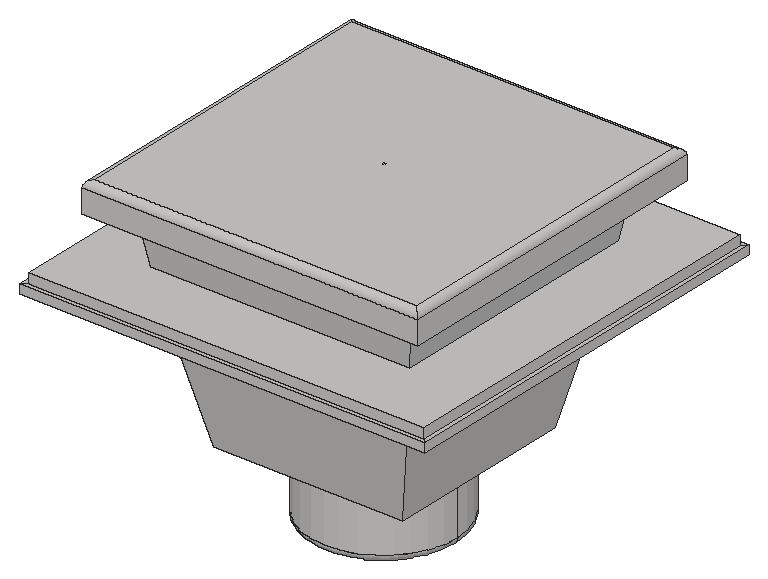
Revit family
Parameters (values of type "3110-04")
  Weight (lb) = 48.44
  Waste Connection = no
  Warranty = "1 year material and workmanship"  # constant formula
  Vent Connection = no
  URL = "http://www.jrsmith.com"
  Technical and Installation = "http://www.jrsmith.com/products/sanit/tech_data_index.htm"
  SmartBIM Object Version = 3  # constant formula
  SmartBIM Object Created By = "Reed Construction Data"  # constant formula
  Product URL = "http://www.jrsmith.com/products/sanit/submittal/d3110.pdf"
  Pipe Radius = Pipe Diameter / 2  # 2"
  OmniClass Title = "Sanitary Drains"  # constant formula
  OmniClass Code = "22-22 13 19"  # constant formula
  Model = "3110"
  Material Finish = Duco Coated
  Material = Stainless Steel Brushed
  Manufacturer = "Jay R. Smith Mfg. Co. "  # constant formula
  Maintenance = ""
  HW Connection = no
  Free Area (sq. in) = "42"
  Description = "Cast iron flanged receptor with seepage holes, acid resistant coated interior, nickel bronze rim, and secured grate"  # constant formula
  Default Elevation = 0"
  CW Connection = no
  Assembly Code = "D2030300"
  Pipe Diameter = 4"
  95 CSI = "15155"  # constant formula
  04 CSI = "22 13 19"  # constant formula
Reference planes (in)
  plane 1 "Center (Front/Back)": y = 0
  plane 2: z = 0
  plane 3 "Center (Left/Right)": x = 0
  plane 4: x = 2
  plane 5: x = -2
Forms (in)
  Revolve 1, solid, material "Stainless Steel Brushed" <- "Material"
    sketch origin (0, 0, -11) x (1, 0, 0) y (0, 0, 1)
      loop
        line (2, 0.2795149) -> (2, 0) -> (2.4458457, 0)
        arc (2.4458457, 0) -> (2.5817379, 0.0888017) -> (2.6344427, 0.2423421) r 0.25
        line (2.6344427, 0.2423421) -> (2.6344427, 2.3315924)
        arc (2.6344427, 2.3315924) -> (2.7943624, 2.3978333) -> (2.8606033, 2.557753) r 0.2261606
        line (2.8606033, 2.557753) -> (2.8606033, 2.8511191) -> (2.7240129, 2.8511191) -> (2.6399095, 2.557753) -> (2.328125, 2.557753) -> (2.328125, 0.4045149)
        arc (2.328125, 0.4045149) -> (2.2915133, 0.3161266) -> (2.203125, 0.2795149) r 0.125
        line (2.203125, 0.2795149) -> (2, 0.2795149)
      axis (0, 2.8511191) -> (0, 0)
    angle from 0 to 360
  Extrusion 2, solid, material "Stainless Steel Brushed" <- "Material"
    sketch origin (0, 0, 11.5450353) x (1, 0, 0) y (0, 1, 0)
      loop
        line (-3.0461347, -3.0685011) -> (3.0908676, -3.0685011) -> (3.0908676, 3.0685011) -> (-3.0461347, 3.0685011) -> (-3.0461347, -3.0685011)
      loop
        circle (0, 0) r 1.8795843
    from -19.9872823 to -19.6939162
  Sweep 3, solid, material "Stainless Steel Brushed" <- "Material"
    path origin (0, 0, 0) x (1, 0, 0) y (0, 1, 0)
      loop
        line (6.0223664, -6) -> (6.0223664, 6) -> (-5.9776336, 6) -> (-5.9776336, -6) -> (6.0223664, -6)
    profile origin (6.0223664, 0, 0) x (-1, 0, 0) y (0, 0, 1)
      loop
        line (2.9314989, -8.4518953) -> (2.9314989, -8.1488809) -> (2.8638614, -8.1488809) -> (1.8175907, -3.4616065) -> (1.2712967, -0.1838247) -> (0.5307832, -0.1838247) -> (0.5307832, -0.5588247) -> (1.026595, -0.5588247) -> (1.3625443, -2.5745171) -> (-1.0610259, -2.5745171) -> (-1.0610259, -2.9266322) -> (-1.2314242, -2.9117242) -> (-1.2314242, -3.2288641) -> (1.5086842, -3.4685925) -> (2.6210105, -8.4518953) -> (2.9314989, -8.4518953)
  Sweep 4, solid, material "Stainless Steel Brushed" <- "Material"
    path origin (0, 0, 0) x (1, 0, 0) y (0, 1, 0)
      loop
        line (6.0223664, -6) -> (6.0223664, 6) -> (-5.9776336, 6) -> (-5.9776336, -6) -> (6.0223664, -6)
    profile origin (6.0223664, 0, 0) x (-1, 0, 0) y (0, 0, 1)
      loop
        line (0.5307832, -0.7730061) -> (0.5307832, -0.1639187) -> (5.9754914, -0.1639187) -> (5.9754914, 0.3125) -> (0.25, 0.3125)
        arc (0.25, 0.3125) -> (0.0732233, 0.2392767) -> (0, 0.0625) r 0.25
        line (0, 0.0625) -> (0, -0.7730061) -> (0.5307832, -0.7730061)
Cuts and joins
  joined: Sweep 3, Sweep 4
Lines and regions (in)
  model lines
    curve 1: line (-3.9881579, 4.0483327, 0.3125) -> (-3.4881579, 4.0483327, 0.3125)
    curve 2: line (-3.9881579, 3.5483327, 0.3125) -> (-3.9881579, 4.0483327, 0.3125)
    curve 3: line (-3.4881579, 3.5483327, 0.3125) -> (-3.9881579, 3.5483327, 0.3125)
    curve 4: line (-3.4881579, 4.0483327, 0.3125) -> (-3.4881579, 3.5483327, 0.3125)
    curve 5: line (3.5118421, 4.0483327, 0.3125) -> (4.0118421, 4.0483327, 0.3125)
    curve 6: line (3.5118421, 3.5483327, 0.3125) -> (3.5118421, 4.0483327, 0.3125)
    curve 7: line (4.0118421, 3.5483327, 0.3125) -> (3.5118421, 3.5483327, 0.3125)
    curve 8: line (4.0118421, 4.0483327, 0.3125) -> (4.0118421, 3.5483327, 0.3125)
    curve 9: line (-2.9167293, 4.0483327, 0.3125) -> (-2.4167293, 4.0483327, 0.3125)
    curve 10: line (-2.9167293, 3.5483327, 0.3125) -> (-2.9167293, 4.0483327, 0.3125)
    curve 11: line (-2.4167293, 3.5483327, 0.3125) -> (-2.9167293, 3.5483327, 0.3125)
    curve 12: line (-2.4167293, 4.0483327, 0.3125) -> (-2.4167293, 3.5483327, 0.3125)
    curve 13: line (-1.8453008, 4.0483327, 0.3125) -> (-1.3453008, 4.0483327, 0.3125)
    curve 14: line (-1.8453008, 3.5483327, 0.3125) -> (-1.8453008, 4.0483327, 0.3125)
    curve 15: line (-1.3453008, 3.5483327, 0.3125) -> (-1.8453008, 3.5483327, 0.3125)
    curve 16: line (-1.3453008, 4.0483327, 0.3125) -> (-1.3453008, 3.5483327, 0.3125)
    curve 17: line (-0.7738722, 4.0483327, 0.3125) -> (-0.2738722, 4.0483327, 0.3125)
    curve 18: line (-0.7738722, 3.5483327, 0.3125) -> (-0.7738722, 4.0483327, 0.3125)
    curve 19: line (-0.2738722, 3.5483327, 0.3125) -> (-0.7738722, 3.5483327, 0.3125)
    curve 20: line (-0.2738722, 4.0483327, 0.3125) -> (-0.2738722, 3.5483327, 0.3125)
    curve 21: line (0.2975564, 4.0483327, 0.3125) -> (0.7975564, 4.0483327, 0.3125)
    curve 22: line (0.2975564, 3.5483327, 0.3125) -> (0.2975564, 4.0483327, 0.3125)
    curve 23: line (0.7975564, 3.5483327, 0.3125) -> (0.2975564, 3.5483327, 0.3125)
    curve 24: line (0.7975564, 4.0483327, 0.3125) -> (0.7975564, 3.5483327, 0.3125)
    curve 25: line (1.368985, 4.0483327, 0.3125) -> (1.868985, 4.0483327, 0.3125)
    curve 26: line (1.368985, 3.5483327, 0.3125) -> (1.368985, 4.0483327, 0.3125)
    curve 27: line (1.868985, 3.5483327, 0.3125) -> (1.368985, 3.5483327, 0.3125)
    curve 28: line (1.868985, 4.0483327, 0.3125) -> (1.868985, 3.5483327, 0.3125)
    curve 29: line (2.4404135, 4.0483327, 0.3125) -> (2.9404135, 4.0483327, 0.3125)
    curve 30: line (2.4404135, 3.5483327, 0.3125) -> (2.4404135, 4.0483327, 0.3125)
    curve 31: line (2.9404135, 3.5483327, 0.3125) -> (2.4404135, 3.5483327, 0.3125)
    curve 32: line (2.9404135, 4.0483327, 0.3125) -> (2.9404135, 3.5483327, 0.3125)
    curve 33: line (-3.9881579, -3.7016673, 0.3125) -> (-3.4881579, -3.7016673, 0.3125)
    curve 34: line (-3.9881579, -4.2016673, 0.3125) -> (-3.9881579, -3.7016673, 0.3125)
    curve 35: line (-3.4881579, -4.2016673, 0.3125) -> (-3.9881579, -4.2016673, 0.3125)
    curve 36: line (-3.4881579, -3.7016673, 0.3125) -> (-3.4881579, -4.2016673, 0.3125)
    curve 37: line (3.5118421, -3.7016673, 0.3125) -> (4.0118421, -3.7016673, 0.3125)
    curve 38: line (3.5118421, -4.2016673, 0.3125) -> (3.5118421, -3.7016673, 0.3125)
    curve 39: line (4.0118421, -4.2016673, 0.3125) -> (3.5118421, -4.2016673, 0.3125)
    curve 40: line (4.0118421, -3.7016673, 0.3125) -> (4.0118421, -4.2016673, 0.3125)
    curve 41: line (-2.9167293, -3.7016673, 0.3125) -> (-2.4167293, -3.7016673, 0.3125)
    curve 42: line (-2.9167293, -4.2016673, 0.3125) -> (-2.9167293, -3.7016673, 0.3125)
    curve 43: line (-2.4167293, -4.2016673, 0.3125) -> (-2.9167293, -4.2016673, 0.3125)
    curve 44: line (-2.4167293, -3.7016673, 0.3125) -> (-2.4167293, -4.2016673, 0.3125)
    curve 45: line (-1.8453008, -3.7016673, 0.3125) -> (-1.3453008, -3.7016673, 0.3125)
    curve 46: line (-1.8453008, -4.2016673, 0.3125) -> (-1.8453008, -3.7016673, 0.3125)
    curve 47: line (-1.3453008, -4.2016673, 0.3125) -> (-1.8453008, -4.2016673, 0.3125)
    curve 48: line (-1.3453008, -3.7016673, 0.3125) -> (-1.3453008, -4.2016673, 0.3125)
    curve 49: line (-0.7738722, -3.7016673, 0.3125) -> (-0.2738722, -3.7016673, 0.3125)
    curve 50: line (-0.7738722, -4.2016673, 0.3125) -> (-0.7738722, -3.7016673, 0.3125)
    curve 51: line (-0.2738722, -4.2016673, 0.3125) -> (-0.7738722, -4.2016673, 0.3125)
    curve 52: line (-0.2738722, -3.7016673, 0.3125) -> (-0.2738722, -4.2016673, 0.3125)
    curve 53: line (0.2975564, -3.7016673, 0.3125) -> (0.7975564, -3.7016673, 0.3125)
    curve 54: line (0.2975564, -4.2016673, 0.3125) -> (0.2975564, -3.7016673, 0.3125)
    curve 55: line (0.7975564, -4.2016673, 0.3125) -> (0.2975564, -4.2016673, 0.3125)
    curve 56: line (0.7975564, -3.7016673, 0.3125) -> (0.7975564, -4.2016673, 0.3125)
    curve 57: line (1.368985, -3.7016673, 0.3125) -> (1.868985, -3.7016673, 0.3125)
    curve 58: line (1.368985, -4.2016673, 0.3125) -> (1.368985, -3.7016673, 0.3125)
    curve 59: line (1.868985, -4.2016673, 0.3125) -> (1.368985, -4.2016673, 0.3125)
    curve 60: line (1.868985, -3.7016673, 0.3125) -> (1.868985, -4.2016673, 0.3125)
    curve 61: line (2.4404135, -3.7016673, 0.3125) -> (2.9404135, -3.7016673, 0.3125)
    curve 62: line (2.4404135, -4.2016673, 0.3125) -> (2.4404135, -3.7016673, 0.3125)
    curve 63: line (2.9404135, -4.2016673, 0.3125) -> (2.4404135, -4.2016673, 0.3125)
    curve 64: line (2.9404135, -3.7016673, 0.3125) -> (2.9404135, -4.2016673, 0.3125)
    curve 65: line (-3.9881579, 3.1872216, 0.3125) -> (-3.4881579, 3.1872216, 0.3125)
    curve 66: line (-3.9881579, 2.6872216, 0.3125) -> (-3.9881579, 3.1872216, 0.3125)
    curve 67: line (-3.4881579, 2.6872216, 0.3125) -> (-3.9881579, 2.6872216, 0.3125)
    curve 68: line (-3.4881579, 3.1872216, 0.3125) -> (-3.4881579, 2.6872216, 0.3125)
    curve 69: line (3.5118421, 3.1872216, 0.3125) -> (4.0118421, 3.1872216, 0.3125)
    curve 70: line (3.5118421, 2.6872216, 0.3125) -> (3.5118421, 3.1872216, 0.3125)
    curve 71: line (4.0118421, 2.6872216, 0.3125) -> (3.5118421, 2.6872216, 0.3125)
    curve 72: line (4.0118421, 3.1872216, 0.3125) -> (4.0118421, 2.6872216, 0.3125)
    curve 73: line (-2.9167293, 3.1872216, 0.3125) -> (-2.4167293, 3.1872216, 0.3125)
    curve 74: line (-2.9167293, 2.6872216, 0.3125) -> (-2.9167293, 3.1872216, 0.3125)
    curve 75: line (-2.4167293, 2.6872216, 0.3125) -> (-2.9167293, 2.6872216, 0.3125)
    curve 76: line (-2.4167293, 3.1872216, 0.3125) -> (-2.4167293, 2.6872216, 0.3125)
    curve 77: line (-1.8453008, 3.1872216, 0.3125) -> (-1.3453008, 3.1872216, 0.3125)
    curve 78: line (-1.8453008, 2.6872216, 0.3125) -> (-1.8453008, 3.1872216, 0.3125)
    curve 79: line (-1.3453008, 2.6872216, 0.3125) -> (-1.8453008, 2.6872216, 0.3125)
    curve 80: line (-1.3453008, 3.1872216, 0.3125) -> (-1.3453008, 2.6872216, 0.3125)
    curve 81: line (-0.7738722, 3.1872216, 0.3125) -> (-0.2738722, 3.1872216, 0.3125)
    curve 82: line (-0.7738722, 2.6872216, 0.3125) -> (-0.7738722, 3.1872216, 0.3125)
    curve 83: line (-0.2738722, 2.6872216, 0.3125) -> (-0.7738722, 2.6872216, 0.3125)
    curve 84: line (-0.2738722, 3.1872216, 0.3125) -> (-0.2738722, 2.6872216, 0.3125)
    curve 85: line (0.2975564, 3.1872216, 0.3125) -> (0.7975564, 3.1872216, 0.3125)
    curve 86: line (0.2975564, 2.6872216, 0.3125) -> (0.2975564, 3.1872216, 0.3125)
    curve 87: line (0.7975564, 2.6872216, 0.3125) -> (0.2975564, 2.6872216, 0.3125)
    curve 88: line (0.7975564, 3.1872216, 0.3125) -> (0.7975564, 2.6872216, 0.3125)
    curve 89: line (1.368985, 3.1872216, 0.3125) -> (1.868985, 3.1872216, 0.3125)
    curve 90: line (1.368985, 2.6872216, 0.3125) -> (1.368985, 3.1872216, 0.3125)
    curve 91: line (1.868985, 2.6872216, 0.3125) -> (1.368985, 2.6872216, 0.3125)
    curve 92: line (1.868985, 3.1872216, 0.3125) -> (1.868985, 2.6872216, 0.3125)
    curve 93: line (2.4404135, 3.1872216, 0.3125) -> (2.9404135, 3.1872216, 0.3125)
    curve 94: line (2.4404135, 2.6872216, 0.3125) -> (2.4404135, 3.1872216, 0.3125)
    curve 95: line (2.9404135, 2.6872216, 0.3125) -> (2.4404135, 2.6872216, 0.3125)
    curve 96: line (2.9404135, 3.1872216, 0.3125) -> (2.9404135, 2.6872216, 0.3125)
    curve 97: line (-3.9881579, 2.3261104, 0.3125) -> (-3.4881579, 2.3261104, 0.3125)
    curve 98: line (-3.9881579, 1.8261104, 0.3125) -> (-3.9881579, 2.3261104, 0.3125)
    curve 99: line (-3.4881579, 1.8261104, 0.3125) -> (-3.9881579, 1.8261104, 0.3125)
    curve 100: line (-3.4881579, 2.3261104, 0.3125) -> (-3.4881579, 1.8261104, 0.3125)
    curve 101: line (3.5118421, 2.3261104, 0.3125) -> (4.0118421, 2.3261104, 0.3125)
    curve 102: line (3.5118421, 1.8261104, 0.3125) -> (3.5118421, 2.3261104, 0.3125)
    curve 103: line (4.0118421, 1.8261104, 0.3125) -> (3.5118421, 1.8261104, 0.3125)
    curve 104: line (4.0118421, 2.3261104, 0.3125) -> (4.0118421, 1.8261104, 0.3125)
    curve 105: line (-2.9167293, 2.3261104, 0.3125) -> (-2.4167293, 2.3261104, 0.3125)
    curve 106: line (-2.9167293, 1.8261104, 0.3125) -> (-2.9167293, 2.3261104, 0.3125)
    curve 107: line (-2.4167293, 1.8261104, 0.3125) -> (-2.9167293, 1.8261104, 0.3125)
    curve 108: line (-2.4167293, 2.3261104, 0.3125) -> (-2.4167293, 1.8261104, 0.3125)
    curve 109: line (-1.8453008, 2.3261104, 0.3125) -> (-1.3453008, 2.3261104, 0.3125)
    curve 110: line (-1.8453008, 1.8261104, 0.3125) -> (-1.8453008, 2.3261104, 0.3125)
    curve 111: line (-1.3453008, 1.8261104, 0.3125) -> (-1.8453008, 1.8261104, 0.3125)
    curve 112: line (-1.3453008, 2.3261104, 0.3125) -> (-1.3453008, 1.8261104, 0.3125)
    curve 113: line (-0.7738722, 2.3261104, 0.3125) -> (-0.2738722, 2.3261104, 0.3125)
    curve 114: line (-0.7738722, 1.8261104, 0.3125) -> (-0.7738722, 2.3261104, 0.3125)
    curve 115: line (-0.2738722, 1.8261104, 0.3125) -> (-0.7738722, 1.8261104, 0.3125)
    curve 116: line (-0.2738722, 2.3261104, 0.3125) -> (-0.2738722, 1.8261104, 0.3125)
    curve 117: line (0.2975564, 2.3261104, 0.3125) -> (0.7975564, 2.3261104, 0.3125)
    curve 118: line (0.2975564, 1.8261104, 0.3125) -> (0.2975564, 2.3261104, 0.3125)
    curve 119: line (0.7975564, 1.8261104, 0.3125) -> (0.2975564, 1.8261104, 0.3125)
    curve 120: line (0.7975564, 2.3261104, 0.3125) -> (0.7975564, 1.8261104, 0.3125)
    curve 121: line (1.368985, 2.3261104, 0.3125) -> (1.868985, 2.3261104, 0.3125)
    curve 122: line (1.368985, 1.8261104, 0.3125) -> (1.368985, 2.3261104, 0.3125)
    curve 123: line (1.868985, 1.8261104, 0.3125) -> (1.368985, 1.8261104, 0.3125)
    curve 124: line (1.868985, 2.3261104, 0.3125) -> (1.868985, 1.8261104, 0.3125)
    curve 125: line (2.4404135, 2.3261104, 0.3125) -> (2.9404135, 2.3261104, 0.3125)
    curve 126: line (2.4404135, 1.8261104, 0.3125) -> (2.4404135, 2.3261104, 0.3125)
    curve 127: line (2.9404135, 1.8261104, 0.3125) -> (2.4404135, 1.8261104, 0.3125)
    curve 128: line (2.9404135, 2.3261104, 0.3125) -> (2.9404135, 1.8261104, 0.3125)
    curve 129: line (-3.9881579, 1.4649993, 0.3125) -> (-3.4881579, 1.4649993, 0.3125)
    curve 130: line (-3.9881579, 0.9649993, 0.3125) -> (-3.9881579, 1.4649993, 0.3125)
    curve 131: line (-3.4881579, 0.9649993, 0.3125) -> (-3.9881579, 0.9649993, 0.3125)
    curve 132: line (-3.4881579, 1.4649993, 0.3125) -> (-3.4881579, 0.9649993, 0.3125)
    curve 133: line (3.5118421, 1.4649993, 0.3125) -> (4.0118421, 1.4649993, 0.3125)
    curve 134: line (3.5118421, 0.9649993, 0.3125) -> (3.5118421, 1.4649993, 0.3125)
    curve 135: line (4.0118421, 0.9649993, 0.3125) -> (3.5118421, 0.9649993, 0.3125)
    curve 136: line (4.0118421, 1.4649993, 0.3125) -> (4.0118421, 0.9649993, 0.3125)
    curve 137: line (-2.9167293, 1.4649993, 0.3125) -> (-2.4167293, 1.4649993, 0.3125)
    curve 138: line (-2.9167293, 0.9649993, 0.3125) -> (-2.9167293, 1.4649993, 0.3125)
    curve 139: line (-2.4167293, 0.9649993, 0.3125) -> (-2.9167293, 0.9649993, 0.3125)
    curve 140: line (-2.4167293, 1.4649993, 0.3125) -> (-2.4167293, 0.9649993, 0.3125)
    curve 141: line (-1.8453008, 1.4649993, 0.3125) -> (-1.3453008, 1.4649993, 0.3125)
    curve 142: line (-1.8453008, 0.9649993, 0.3125) -> (-1.8453008, 1.4649993, 0.3125)
    curve 143: line (-1.3453008, 0.9649993, 0.3125) -> (-1.8453008, 0.9649993, 0.3125)
    curve 144: line (-1.3453008, 1.4649993, 0.3125) -> (-1.3453008, 0.9649993, 0.3125)
    curve 145: line (-0.7738722, 1.4649993, 0.3125) -> (-0.2738722, 1.4649993, 0.3125)
    curve 146: line (-0.7738722, 0.9649993, 0.3125) -> (-0.7738722, 1.4649993, 0.3125)
    curve 147: line (-0.2738722, 0.9649993, 0.3125) -> (-0.7738722, 0.9649993, 0.3125)
    curve 148: line (-0.2738722, 1.4649993, 0.3125) -> (-0.2738722, 0.9649993, 0.3125)
    curve 149: line (0.2975564, 1.4649993, 0.3125) -> (0.7975564, 1.4649993, 0.3125)
    curve 150: line (0.2975564, 0.9649993, 0.3125) -> (0.2975564, 1.4649993, 0.3125)
    curve 151: line (0.7975564, 0.9649993, 0.3125) -> (0.2975564, 0.9649993, 0.3125)
    curve 152: line (0.7975564, 1.4649993, 0.3125) -> (0.7975564, 0.9649993, 0.3125)
    curve 153: line (1.368985, 1.4649993, 0.3125) -> (1.868985, 1.4649993, 0.3125)
    curve 154: line (1.368985, 0.9649993, 0.3125) -> (1.368985, 1.4649993, 0.3125)
    curve 155: line (1.868985, 0.9649993, 0.3125) -> (1.368985, 0.9649993, 0.3125)
    curve 156: line (1.868985, 1.4649993, 0.3125) -> (1.868985, 0.9649993, 0.3125)
    curve 157: line (2.4404135, 1.4649993, 0.3125) -> (2.9404135, 1.4649993, 0.3125)
    curve 158: line (2.4404135, 0.9649993, 0.3125) -> (2.4404135, 1.4649993, 0.3125)
    curve 159: line (2.9404135, 0.9649993, 0.3125) -> (2.4404135, 0.9649993, 0.3125)
    curve 160: line (2.9404135, 1.4649993, 0.3125) -> (2.9404135, 0.9649993, 0.3125)
    curve 161: line (-3.9881579, 0.6038882, 0.3125) -> (-3.4881579, 0.6038882, 0.3125)
    curve 162: line (-3.9881579, 0.1038882, 0.3125) -> (-3.9881579, 0.6038882, 0.3125)
    curve 163: line (-3.4881579, 0.1038882, 0.3125) -> (-3.9881579, 0.1038882, 0.3125)
    curve 164: line (-3.4881579, 0.6038882, 0.3125) -> (-3.4881579, 0.1038882, 0.3125)
    curve 165: line (3.5118421, 0.6038882, 0.3125) -> (4.0118421, 0.6038882, 0.3125)
    curve 166: line (3.5118421, 0.1038882, 0.3125) -> (3.5118421, 0.6038882, 0.3125)
    curve 167: line (4.0118421, 0.1038882, 0.3125) -> (3.5118421, 0.1038882, 0.3125)
    curve 168: line (4.0118421, 0.6038882, 0.3125) -> (4.0118421, 0.1038882, 0.3125)
    curve 169: line (-2.9167293, 0.6038882, 0.3125) -> (-2.4167293, 0.6038882, 0.3125)
    curve 170: line (-2.9167293, 0.1038882, 0.3125) -> (-2.9167293, 0.6038882, 0.3125)
    curve 171: line (-2.4167293, 0.1038882, 0.3125) -> (-2.9167293, 0.1038882, 0.3125)
    curve 172: line (-2.4167293, 0.6038882, 0.3125) -> (-2.4167293, 0.1038882, 0.3125)
    curve 173: line (-1.8453008, 0.6038882, 0.3125) -> (-1.3453008, 0.6038882, 0.3125)
    curve 174: line (-1.8453008, 0.1038882, 0.3125) -> (-1.8453008, 0.6038882, 0.3125)
    curve 175: line (-1.3453008, 0.1038882, 0.3125) -> (-1.8453008, 0.1038882, 0.3125)
    curve 176: line (-1.3453008, 0.6038882, 0.3125) -> (-1.3453008, 0.1038882, 0.3125)
    curve 177: line (-0.7738722, 0.6038882, 0.3125) -> (-0.2738722, 0.6038882, 0.3125)
    curve 178: line (-0.7738722, 0.1038882, 0.3125) -> (-0.7738722, 0.6038882, 0.3125)
    curve 179: line (-0.2738722, 0.1038882, 0.3125) -> (-0.7738722, 0.1038882, 0.3125)
    curve 180: line (-0.2738722, 0.6038882, 0.3125) -> (-0.2738722, 0.1038882, 0.3125)
    curve 181: line (0.2975564, 0.6038882, 0.3125) -> (0.7975564, 0.6038882, 0.3125)
    curve 182: line (0.2975564, 0.1038882, 0.3125) -> (0.2975564, 0.6038882, 0.3125)
    curve 183: line (0.7975564, 0.1038882, 0.3125) -> (0.2975564, 0.1038882, 0.3125)
    curve 184: line (0.7975564, 0.6038882, 0.3125) -> (0.7975564, 0.1038882, 0.3125)
    curve 185: line (1.368985, 0.6038882, 0.3125) -> (1.868985, 0.6038882, 0.3125)
    curve 186: line (1.368985, 0.1038882, 0.3125) -> (1.368985, 0.6038882, 0.3125)
    curve 187: line (1.868985, 0.1038882, 0.3125) -> (1.368985, 0.1038882, 0.3125)
    curve 188: line (1.868985, 0.6038882, 0.3125) -> (1.868985, 0.1038882, 0.3125)
    curve 189: line (2.4404135, 0.6038882, 0.3125) -> (2.9404135, 0.6038882, 0.3125)
    curve 190: line (2.4404135, 0.1038882, 0.3125) -> (2.4404135, 0.6038882, 0.3125)
    curve 191: line (2.9404135, 0.1038882, 0.3125) -> (2.4404135, 0.1038882, 0.3125)
    curve 192: line (2.9404135, 0.6038882, 0.3125) -> (2.9404135, 0.1038882, 0.3125)
    curve 193: line (-3.9881579, -0.2572229, 0.3125) -> (-3.4881579, -0.2572229, 0.3125)
    curve 194: line (-3.9881579, -0.7572229, 0.3125) -> (-3.9881579, -0.2572229, 0.3125)
    curve 195: line (-3.4881579, -0.7572229, 0.3125) -> (-3.9881579, -0.7572229, 0.3125)
    curve 196: line (-3.4881579, -0.2572229, 0.3125) -> (-3.4881579, -0.7572229, 0.3125)
    curve 197: line (3.5118421, -0.2572229, 0.3125) -> (4.0118421, -0.2572229, 0.3125)
    curve 198: line (3.5118421, -0.7572229, 0.3125) -> (3.5118421, -0.2572229, 0.3125)
    curve 199: line (4.0118421, -0.7572229, 0.3125) -> (3.5118421, -0.7572229, 0.3125)
    curve 200: line (4.0118421, -0.2572229, 0.3125) -> (4.0118421, -0.7572229, 0.3125)
    curve 201: line (-2.9167293, -0.2572229, 0.3125) -> (-2.4167293, -0.2572229, 0.3125)
    curve 202: line (-2.9167293, -0.7572229, 0.3125) -> (-2.9167293, -0.2572229, 0.3125)
    curve 203: line (-2.4167293, -0.7572229, 0.3125) -> (-2.9167293, -0.7572229, 0.3125)
    curve 204: line (-2.4167293, -0.2572229, 0.3125) -> (-2.4167293, -0.7572229, 0.3125)
    curve 205: line (-1.8453008, -0.2572229, 0.3125) -> (-1.3453008, -0.2572229, 0.3125)
    curve 206: line (-1.8453008, -0.7572229, 0.3125) -> (-1.8453008, -0.2572229, 0.3125)
    curve 207: line (-1.3453008, -0.7572229, 0.3125) -> (-1.8453008, -0.7572229, 0.3125)
    curve 208: line (-1.3453008, -0.2572229, 0.3125) -> (-1.3453008, -0.7572229, 0.3125)
    curve 209: line (-0.7738722, -0.2572229, 0.3125) -> (-0.2738722, -0.2572229, 0.3125)
    curve 210: line (-0.7738722, -0.7572229, 0.3125) -> (-0.7738722, -0.2572229, 0.3125)
    curve 211: line (-0.2738722, -0.7572229, 0.3125) -> (-0.7738722, -0.7572229, 0.3125)
    curve 212: line (-0.2738722, -0.2572229, 0.3125) -> (-0.2738722, -0.7572229, 0.3125)
    curve 213: line (0.2975564, -0.2572229, 0.3125) -> (0.7975564, -0.2572229, 0.3125)
    curve 214: line (0.2975564, -0.7572229, 0.3125) -> (0.2975564, -0.2572229, 0.3125)
    curve 215: line (0.7975564, -0.7572229, 0.3125) -> (0.2975564, -0.7572229, 0.3125)
    curve 216: line (0.7975564, -0.2572229, 0.3125) -> (0.7975564, -0.7572229, 0.3125)
    curve 217: line (1.368985, -0.2572229, 0.3125) -> (1.868985, -0.2572229, 0.3125)
    curve 218: line (1.368985, -0.7572229, 0.3125) -> (1.368985, -0.2572229, 0.3125)
    curve 219: line (1.868985, -0.7572229, 0.3125) -> (1.368985, -0.7572229, 0.3125)
    curve 220: line (1.868985, -0.2572229, 0.3125) -> (1.868985, -0.7572229, 0.3125)
    curve 221: line (2.4404135, -0.2572229, 0.3125) -> (2.9404135, -0.2572229, 0.3125)
    curve 222: line (2.4404135, -0.7572229, 0.3125) -> (2.4404135, -0.2572229, 0.3125)
    curve 223: line (2.9404135, -0.7572229, 0.3125) -> (2.4404135, -0.7572229, 0.3125)
    curve 224: line (2.9404135, -0.2572229, 0.3125) -> (2.9404135, -0.7572229, 0.3125)
    curve 225: line (-3.9881579, -1.118334, 0.3125) -> (-3.4881579, -1.118334, 0.3125)
    curve 226: line (-3.9881579, -1.618334, 0.3125) -> (-3.9881579, -1.118334, 0.3125)
    curve 227: line (-3.4881579, -1.618334, 0.3125) -> (-3.9881579, -1.618334, 0.3125)
    curve 228: line (-3.4881579, -1.118334, 0.3125) -> (-3.4881579, -1.618334, 0.3125)
    curve 229: line (3.5118421, -1.118334, 0.3125) -> (4.0118421, -1.118334, 0.3125)
    curve 230: line (3.5118421, -1.618334, 0.3125) -> (3.5118421, -1.118334, 0.3125)
    curve 231: line (4.0118421, -1.618334, 0.3125) -> (3.5118421, -1.618334, 0.3125)
    curve 232: line (4.0118421, -1.118334, 0.3125) -> (4.0118421, -1.618334, 0.3125)
    curve 233: line (-2.9167293, -1.118334, 0.3125) -> (-2.4167293, -1.118334, 0.3125)
    curve 234: line (-2.9167293, -1.618334, 0.3125) -> (-2.9167293, -1.118334, 0.3125)
    curve 235: line (-2.4167293, -1.618334, 0.3125) -> (-2.9167293, -1.618334, 0.3125)
    curve 236: line (-2.4167293, -1.118334, 0.3125) -> (-2.4167293, -1.618334, 0.3125)
    curve 237: line (-1.8453008, -1.118334, 0.3125) -> (-1.3453008, -1.118334, 0.3125)
    curve 238: line (-1.8453008, -1.618334, 0.3125) -> (-1.8453008, -1.118334, 0.3125)
    curve 239: line (-1.3453008, -1.618334, 0.3125) -> (-1.8453008, -1.618334, 0.3125)
    curve 240: line (-1.3453008, -1.118334, 0.3125) -> (-1.3453008, -1.618334, 0.3125)
    curve 241: line (-0.7738722, -1.118334, 0.3125) -> (-0.2738722, -1.118334, 0.3125)
    curve 242: line (-0.7738722, -1.618334, 0.3125) -> (-0.7738722, -1.118334, 0.3125)
    curve 243: line (-0.2738722, -1.618334, 0.3125) -> (-0.7738722, -1.618334, 0.3125)
    curve 244: line (-0.2738722, -1.118334, 0.3125) -> (-0.2738722, -1.618334, 0.3125)
    curve 245: line (0.2975564, -1.118334, 0.3125) -> (0.7975564, -1.118334, 0.3125)
    curve 246: line (0.2975564, -1.618334, 0.3125) -> (0.2975564, -1.118334, 0.3125)
    curve 247: line (0.7975564, -1.618334, 0.3125) -> (0.2975564, -1.618334, 0.3125)
    curve 248: line (0.7975564, -1.118334, 0.3125) -> (0.7975564, -1.618334, 0.3125)
    curve 249: line (1.368985, -1.118334, 0.3125) -> (1.868985, -1.118334, 0.3125)
    curve 250: line (1.368985, -1.618334, 0.3125) -> (1.368985, -1.118334, 0.3125)
    curve 251: line (1.868985, -1.618334, 0.3125) -> (1.368985, -1.618334, 0.3125)
    curve 252: line (1.868985, -1.118334, 0.3125) -> (1.868985, -1.618334, 0.3125)
    curve 253: line (2.4404135, -1.118334, 0.3125) -> (2.9404135, -1.118334, 0.3125)
    curve 254: line (2.4404135, -1.618334, 0.3125) -> (2.4404135, -1.118334, 0.3125)
    curve 255: line (2.9404135, -1.618334, 0.3125) -> (2.4404135, -1.618334, 0.3125)
    curve 256: line (2.9404135, -1.118334, 0.3125) -> (2.9404135, -1.618334, 0.3125)
    curve 257: line (-3.9881579, -1.9794451, 0.3125) -> (-3.4881579, -1.9794451, 0.3125)
    curve 258: line (-3.9881579, -2.4794451, 0.3125) -> (-3.9881579, -1.9794451, 0.3125)
    curve 259: line (-3.4881579, -2.4794451, 0.3125) -> (-3.9881579, -2.4794451, 0.3125)
    curve 260: line (-3.4881579, -1.9794451, 0.3125) -> (-3.4881579, -2.4794451, 0.3125)
    curve 261: line (3.5118421, -1.9794451, 0.3125) -> (4.0118421, -1.9794451, 0.3125)
    curve 262: line (3.5118421, -2.4794451, 0.3125) -> (3.5118421, -1.9794451, 0.3125)
    curve 263: line (4.0118421, -2.4794451, 0.3125) -> (3.5118421, -2.4794451, 0.3125)
    curve 264: line (4.0118421, -1.9794451, 0.3125) -> (4.0118421, -2.4794451, 0.3125)
    curve 265: line (-2.9167293, -1.9794451, 0.3125) -> (-2.4167293, -1.9794451, 0.3125)
    curve 266: line (-2.9167293, -2.4794451, 0.3125) -> (-2.9167293, -1.9794451, 0.3125)
    curve 267: line (-2.4167293, -2.4794451, 0.3125) -> (-2.9167293, -2.4794451, 0.3125)
    curve 268: line (-2.4167293, -1.9794451, 0.3125) -> (-2.4167293, -2.4794451, 0.3125)
    curve 269: line (-1.8453008, -1.9794451, 0.3125) -> (-1.3453008, -1.9794451, 0.3125)
    curve 270: line (-1.8453008, -2.4794451, 0.3125) -> (-1.8453008, -1.9794451, 0.3125)
    curve 271: line (-1.3453008, -2.4794451, 0.3125) -> (-1.8453008, -2.4794451, 0.3125)
    curve 272: line (-1.3453008, -1.9794451, 0.3125) -> (-1.3453008, -2.4794451, 0.3125)
    curve 273: line (-0.7738722, -1.9794451, 0.3125) -> (-0.2738722, -1.9794451, 0.3125)
    curve 274: line (-0.7738722, -2.4794451, 0.3125) -> (-0.7738722, -1.9794451, 0.3125)
    curve 275: line (-0.2738722, -2.4794451, 0.3125) -> (-0.7738722, -2.4794451, 0.3125)
    curve 276: line (-0.2738722, -1.9794451, 0.3125) -> (-0.2738722, -2.4794451, 0.3125)
    curve 277: line (0.2975564, -1.9794451, 0.3125) -> (0.7975564, -1.9794451, 0.3125)
    curve 278: line (0.2975564, -2.4794451, 0.3125) -> (0.2975564, -1.9794451, 0.3125)
    curve 279: line (0.7975564, -2.4794451, 0.3125) -> (0.2975564, -2.4794451, 0.3125)
    curve 280: line (0.7975564, -1.9794451, 0.3125) -> (0.7975564, -2.4794451, 0.3125)
    curve 281: line (1.368985, -1.9794451, 0.3125) -> (1.868985, -1.9794451, 0.3125)
    curve 282: line (1.368985, -2.4794451, 0.3125) -> (1.368985, -1.9794451, 0.3125)
    curve 283: line (1.868985, -2.4794451, 0.3125) -> (1.368985, -2.4794451, 0.3125)
    curve 284: line (1.868985, -1.9794451, 0.3125) -> (1.868985, -2.4794451, 0.3125)
    curve 285: line (2.4404135, -1.9794451, 0.3125) -> (2.9404135, -1.9794451, 0.3125)
    curve 286: line (2.4404135, -2.4794451, 0.3125) -> (2.4404135, -1.9794451, 0.3125)
    curve 287: line (2.9404135, -2.4794451, 0.3125) -> (2.4404135, -2.4794451, 0.3125)
    curve 288: line (2.9404135, -1.9794451, 0.3125) -> (2.9404135, -2.4794451, 0.3125)
    curve 289: line (-3.9881579, -2.8405562, 0.3125) -> (-3.4881579, -2.8405562, 0.3125)
    curve 290: line (-3.9881579, -3.3405562, 0.3125) -> (-3.9881579, -2.8405562, 0.3125)
    curve 291: line (-3.4881579, -3.3405562, 0.3125) -> (-3.9881579, -3.3405562, 0.3125)
    curve 292: line (-3.4881579, -2.8405562, 0.3125) -> (-3.4881579, -3.3405562, 0.3125)
    curve 293: line (3.5118421, -2.8405562, 0.3125) -> (4.0118421, -2.8405562, 0.3125)
    curve 294: line (3.5118421, -3.3405562, 0.3125) -> (3.5118421, -2.8405562, 0.3125)
    curve 295: line (4.0118421, -3.3405562, 0.3125) -> (3.5118421, -3.3405562, 0.3125)
    curve 296: line (4.0118421, -2.8405562, 0.3125) -> (4.0118421, -3.3405562, 0.3125)
    curve 297: line (-2.9167293, -2.8405562, 0.3125) -> (-2.4167293, -2.8405562, 0.3125)
    curve 298: line (-2.9167293, -3.3405562, 0.3125) -> (-2.9167293, -2.8405562, 0.3125)
    curve 299: line (-2.4167293, -3.3405562, 0.3125) -> (-2.9167293, -3.3405562, 0.3125)
    curve 300: line (-2.4167293, -2.8405562, 0.3125) -> (-2.4167293, -3.3405562, 0.3125)
    curve 301: line (-1.8453008, -2.8405562, 0.3125) -> (-1.3453008, -2.8405562, 0.3125)
    curve 302: line (-1.8453008, -3.3405562, 0.3125) -> (-1.8453008, -2.8405562, 0.3125)
    curve 303: line (-1.3453008, -3.3405562, 0.3125) -> (-1.8453008, -3.3405562, 0.3125)
    curve 304: line (-1.3453008, -2.8405562, 0.3125) -> (-1.3453008, -3.3405562, 0.3125)
    curve 305: line (-0.7738722, -2.8405562, 0.3125) -> (-0.2738722, -2.8405562, 0.3125)
    curve 306: line (-0.7738722, -3.3405562, 0.3125) -> (-0.7738722, -2.8405562, 0.3125)
    curve 307: line (-0.2738722, -3.3405562, 0.3125) -> (-0.7738722, -3.3405562, 0.3125)
    curve 308: line (-0.2738722, -2.8405562, 0.3125) -> (-0.2738722, -3.3405562, 0.3125)
    curve 309: line (0.2975564, -2.8405562, 0.3125) -> (0.7975564, -2.8405562, 0.3125)
    curve 310: line (0.2975564, -3.3405562, 0.3125) -> (0.2975564, -2.8405562, 0.3125)
    curve 311: line (0.7975564, -3.3405562, 0.3125) -> (0.2975564, -3.3405562, 0.3125)
    curve 312: line (0.7975564, -2.8405562, 0.3125) -> (0.7975564, -3.3405562, 0.3125)
    curve 313: line (1.368985, -2.8405562, 0.3125) -> (1.868985, -2.8405562, 0.3125)
    curve 314: line (1.368985, -3.3405562, 0.3125) -> (1.368985, -2.8405562, 0.3125)
    curve 315: line (1.868985, -3.3405562, 0.3125) -> (1.368985, -3.3405562, 0.3125)
    curve 316: line (1.868985, -2.8405562, 0.3125) -> (1.868985, -3.3405562, 0.3125)
    curve 317: line (2.4404135, -2.8405562, 0.3125) -> (2.9404135, -2.8405562, 0.3125)
    curve 318: line (2.4404135, -3.3405562, 0.3125) -> (2.4404135, -2.8405562, 0.3125)
    curve 319: line (2.9404135, -3.3405562, 0.3125) -> (2.4404135, -3.3405562, 0.3125)
    curve 320: line (2.9404135, -2.8405562, 0.3125) -> (2.9404135, -3.3405562, 0.3125)
    curve 321: line (-5.8377269, 5.8702157, 0.3125) -> (5.8497731, 5.8702157, 0.3125)
    curve 322: line (-5.8377269, -5.8172843, 0.3125) -> (-5.8377269, 5.8702157, 0.3125)
    curve 323: line (5.8497731, 5.8702157, 0.3125) -> (5.8497731, -5.8172843, 0.3125)
    curve 324: line (5.8497731, -5.8172843, 0.3125) -> (-5.8377269, -5.8172843, 0.3125)
    curve 325: line (-5.5135082, 5.5459969, 0.3125) -> (5.5255543, 5.5459969, 0.3125)
    curve 326: line (5.5255543, 5.5459969, 0.3125) -> (5.5255543, -5.4930656, 0.3125)
    curve 327: line (5.5255543, -5.4930656, 0.3125) -> (-5.5135082, -5.4930656, 0.3125)
    curve 328: line (-5.5135082, -5.4930656, 0.3125) -> (-5.5135082, 5.5459969, 0.3125)
    curve 329: line (-5.0595865, 4.0483327, 0.3125) -> (-4.5595865, 4.0483327, 0.3125)
    curve 330: line (-5.0595865, 3.5483327, 0.3125) -> (-5.0595865, 4.0483327, 0.3125)
    curve 331: line (-4.5595865, 3.5483327, 0.3125) -> (-5.0595865, 3.5483327, 0.3125)
    curve 332: line (-4.5595865, 4.0483327, 0.3125) -> (-4.5595865, 3.5483327, 0.3125)
    curve 333: line (-5.0595865, -3.7016673, 0.3125) -> (-4.5595865, -3.7016673, 0.3125)
    curve 334: line (-5.0595865, -4.2016673, 0.3125) -> (-5.0595865, -3.7016673, 0.3125)
    curve 335: line (-4.5595865, -4.2016673, 0.3125) -> (-5.0595865, -4.2016673, 0.3125)
    curve 336: line (-4.5595865, -3.7016673, 0.3125) -> (-4.5595865, -4.2016673, 0.3125)
    curve 337: line (-5.0595865, 3.1872216, 0.3125) -> (-4.5595865, 3.1872216, 0.3125)
    curve 338: line (-5.0595865, 2.6872216, 0.3125) -> (-5.0595865, 3.1872216, 0.3125)
    curve 339: line (-4.5595865, 2.6872216, 0.3125) -> (-5.0595865, 2.6872216, 0.3125)
    curve 340: line (-4.5595865, 3.1872216, 0.3125) -> (-4.5595865, 2.6872216, 0.3125)
    curve 341: line (-5.0595865, 2.3261104, 0.3125) -> (-4.5595865, 2.3261104, 0.3125)
    curve 342: line (-5.0595865, 1.8261104, 0.3125) -> (-5.0595865, 2.3261104, 0.3125)
    curve 343: line (-4.5595865, 1.8261104, 0.3125) -> (-5.0595865, 1.8261104, 0.3125)
    curve 344: line (-4.5595865, 2.3261104, 0.3125) -> (-4.5595865, 1.8261104, 0.3125)
    curve 345: line (-5.0595865, 1.4649993, 0.3125) -> (-4.5595865, 1.4649993, 0.3125)
    curve 346: line (-5.0595865, 0.9649993, 0.3125) -> (-5.0595865, 1.4649993, 0.3125)
    curve 347: line (-4.5595865, 0.9649993, 0.3125) -> (-5.0595865, 0.9649993, 0.3125)
    curve 348: line (-4.5595865, 1.4649993, 0.3125) -> (-4.5595865, 0.9649993, 0.3125)
    curve 349: line (-5.0595865, 0.6038882, 0.3125) -> (-4.5595865, 0.6038882, 0.3125)
    curve 350: line (-5.0595865, 0.1038882, 0.3125) -> (-5.0595865, 0.6038882, 0.3125)
    curve 351: line (-4.5595865, 0.1038882, 0.3125) -> (-5.0595865, 0.1038882, 0.3125)
    curve 352: line (-4.5595865, 0.6038882, 0.3125) -> (-4.5595865, 0.1038882, 0.3125)
    curve 353: line (-5.0595865, -0.2572229, 0.3125) -> (-4.5595865, -0.2572229, 0.3125)
    curve 354: line (-5.0595865, -0.7572229, 0.3125) -> (-5.0595865, -0.2572229, 0.3125)
    curve 355: line (-4.5595865, -0.7572229, 0.3125) -> (-5.0595865, -0.7572229, 0.3125)
    curve 356: line (-4.5595865, -0.2572229, 0.3125) -> (-4.5595865, -0.7572229, 0.3125)
    curve 357: line (-5.0595865, -1.118334, 0.3125) -> (-4.5595865, -1.118334, 0.3125)
    curve 358: line (-5.0595865, -1.618334, 0.3125) -> (-5.0595865, -1.118334, 0.3125)
    curve 359: line (-4.5595865, -1.618334, 0.3125) -> (-5.0595865, -1.618334, 0.3125)
    curve 360: line (-4.5595865, -1.118334, 0.3125) -> (-4.5595865, -1.618334, 0.3125)
    curve 361: line (-5.0595865, -1.9794451, 0.3125) -> (-4.5595865, -1.9794451, 0.3125)
    curve 362: line (-5.0595865, -2.4794451, 0.3125) -> (-5.0595865, -1.9794451, 0.3125)
    curve 363: line (-4.5595865, -2.4794451, 0.3125) -> (-5.0595865, -2.4794451, 0.3125)
    curve 364: line (-4.5595865, -1.9794451, 0.3125) -> (-4.5595865, -2.4794451, 0.3125)
    curve 365: line (-5.0595865, -2.8405562, 0.3125) -> (-4.5595865, -2.8405562, 0.3125)
    curve 366: line (-5.0595865, -3.3405562, 0.3125) -> (-5.0595865, -2.8405562, 0.3125)
    curve 367: line (-4.5595865, -3.3405562, 0.3125) -> (-5.0595865, -3.3405562, 0.3125)
    curve 368: line (-4.5595865, -2.8405562, 0.3125) -> (-4.5595865, -3.3405562, 0.3125)
    curve 369: line (5.1272627, 4.0483327, 0.3125) -> (4.6272627, 4.0483327, 0.3125)
    curve 370: line (5.1272627, 3.5483327, 0.3125) -> (5.1272627, 4.0483327, 0.3125)
    curve 371: line (4.6272627, 3.5483327, 0.3125) -> (5.1272627, 3.5483327, 0.3125)
    curve 372: line (4.6272627, 4.0483327, 0.3125) -> (4.6272627, 3.5483327, 0.3125)
    curve 373: line (5.1272627, -3.7016673, 0.3125) -> (4.6272627, -3.7016673, 0.3125)
    curve 374: line (5.1272627, -4.2016673, 0.3125) -> (5.1272627, -3.7016673, 0.3125)
    curve 375: line (4.6272627, -4.2016673, 0.3125) -> (5.1272627, -4.2016673, 0.3125)
    curve 376: line (4.6272627, -3.7016673, 0.3125) -> (4.6272627, -4.2016673, 0.3125)
    curve 377: line (5.1272627, 3.1872216, 0.3125) -> (4.6272627, 3.1872216, 0.3125)
    curve 378: line (5.1272627, 2.6872216, 0.3125) -> (5.1272627, 3.1872216, 0.3125)
    curve 379: line (4.6272627, 2.6872216, 0.3125) -> (5.1272627, 2.6872216, 0.3125)
    curve 380: line (4.6272627, 3.1872216, 0.3125) -> (4.6272627, 2.6872216, 0.3125)
    curve 381: line (5.1272627, 2.3261104, 0.3125) -> (4.6272627, 2.3261104, 0.3125)
    curve 382: line (5.1272627, 1.8261104, 0.3125) -> (5.1272627, 2.3261104, 0.3125)
    curve 383: line (4.6272627, 1.8261104, 0.3125) -> (5.1272627, 1.8261104, 0.3125)
    curve 384: line (4.6272627, 2.3261104, 0.3125) -> (4.6272627, 1.8261104, 0.3125)
    curve 385: line (5.1272627, 1.4649993, 0.3125) -> (4.6272627, 1.4649993, 0.3125)
    curve 386: line (5.1272627, 0.9649993, 0.3125) -> (5.1272627, 1.4649993, 0.3125)
    curve 387: line (4.6272627, 0.9649993, 0.3125) -> (5.1272627, 0.9649993, 0.3125)
    curve 388: line (4.6272627, 1.4649993, 0.3125) -> (4.6272627, 0.9649993, 0.3125)
    curve 389: line (5.1272627, 0.6038882, 0.3125) -> (4.6272627, 0.6038882, 0.3125)
    curve 390: line (5.1272627, 0.1038882, 0.3125) -> (5.1272627, 0.6038882, 0.3125)
    curve 391: line (4.6272627, 0.1038882, 0.3125) -> (5.1272627, 0.1038882, 0.3125)
    curve 392: line (4.6272627, 0.6038882, 0.3125) -> (4.6272627, 0.1038882, 0.3125)
    curve 393: line (5.1272627, -0.2572229, 0.3125) -> (4.6272627, -0.2572229, 0.3125)
    curve 394: line (5.1272627, -0.7572229, 0.3125) -> (5.1272627, -0.2572229, 0.3125)
    curve 395: line (4.6272627, -0.7572229, 0.3125) -> (5.1272627, -0.7572229, 0.3125)
    curve 396: line (4.6272627, -0.2572229, 0.3125) -> (4.6272627, -0.7572229, 0.3125)
    curve 397: line (5.1272627, -1.118334, 0.3125) -> (4.6272627, -1.118334, 0.3125)
    curve 398: line (5.1272627, -1.618334, 0.3125) -> (5.1272627, -1.118334, 0.3125)
    curve 399: line (4.6272627, -1.618334, 0.3125) -> (5.1272627, -1.618334, 0.3125)
    curve 400: line (4.6272627, -1.118334, 0.3125) -> (4.6272627, -1.618334, 0.3125)
    curve 401: line (5.1272627, -1.9794451, 0.3125) -> (4.6272627, -1.9794451, 0.3125)
    curve 402: line (5.1272627, -2.4794451, 0.3125) -> (5.1272627, -1.9794451, 0.3125)
    curve 403: line (4.6272627, -2.4794451, 0.3125) -> (5.1272627, -2.4794451, 0.3125)
    curve 404: line (4.6272627, -1.9794451, 0.3125) -> (4.6272627, -2.4794451, 0.3125)
    curve 405: line (5.1272627, -2.8405562, 0.3125) -> (4.6272627, -2.8405562, 0.3125)
    curve 406: line (5.1272627, -3.3405562, 0.3125) -> (5.1272627, -2.8405562, 0.3125)
    curve 407: line (4.6272627, -3.3405562, 0.3125) -> (5.1272627, -3.3405562, 0.3125)
    curve 408: line (4.6272627, -2.8405562, 0.3125) -> (4.6272627, -3.3405562, 0.3125)
    curve 409: line (-3.9881579, 4.9094438, 0.3125) -> (-3.4881579, 4.9094438, 0.3125)
    curve 410: line (-3.9881579, 4.4094438, 0.3125) -> (-3.9881579, 4.9094438, 0.3125)
    curve 411: line (-3.4881579, 4.4094438, 0.3125) -> (-3.9881579, 4.4094438, 0.3125)
    curve 412: line (-3.4881579, 4.9094438, 0.3125) -> (-3.4881579, 4.4094438, 0.3125)
    curve 413: line (3.5118421, 4.9094438, 0.3125) -> (4.0118421, 4.9094438, 0.3125)
    curve 414: line (3.5118421, 4.4094438, 0.3125) -> (3.5118421, 4.9094438, 0.3125)
    curve 415: line (4.0118421, 4.4094438, 0.3125) -> (3.5118421, 4.4094438, 0.3125)
    curve 416: line (4.0118421, 4.9094438, 0.3125) -> (4.0118421, 4.4094438, 0.3125)
    curve 417: line (-2.9167293, 4.9094438, 0.3125) -> (-2.4167293, 4.9094438, 0.3125)
    curve 418: line (-2.9167293, 4.4094438, 0.3125) -> (-2.9167293, 4.9094438, 0.3125)
    curve 419: line (-2.4167293, 4.4094438, 0.3125) -> (-2.9167293, 4.4094438, 0.3125)
    curve 420: line (-2.4167293, 4.9094438, 0.3125) -> (-2.4167293, 4.4094438, 0.3125)
    curve 421: line (-1.8453008, 4.9094438, 0.3125) -> (-1.3453008, 4.9094438, 0.3125)
    curve 422: line (-1.8453008, 4.4094438, 0.3125) -> (-1.8453008, 4.9094438, 0.3125)
    curve 423: line (-1.3453008, 4.4094438, 0.3125) -> (-1.8453008, 4.4094438, 0.3125)
    curve 424: line (-1.3453008, 4.9094438, 0.3125) -> (-1.3453008, 4.4094438, 0.3125)
    curve 425: line (-0.7738722, 4.9094438, 0.3125) -> (-0.2738722, 4.9094438, 0.3125)
    curve 426: line (-0.7738722, 4.4094438, 0.3125) -> (-0.7738722, 4.9094438, 0.3125)
    curve 427: line (-0.2738722, 4.4094438, 0.3125) -> (-0.7738722, 4.4094438, 0.3125)
    curve 428: line (-0.2738722, 4.9094438, 0.3125) -> (-0.2738722, 4.4094438, 0.3125)
    curve 429: line (0.2975564, 4.9094438, 0.3125) -> (0.7975564, 4.9094438, 0.3125)
    curve 430: line (0.2975564, 4.4094438, 0.3125) -> (0.2975564, 4.9094438, 0.3125)
    curve 431: line (0.7975564, 4.4094438, 0.3125) -> (0.2975564, 4.4094438, 0.3125)
    curve 432: line (0.7975564, 4.9094438, 0.3125) -> (0.7975564, 4.4094438, 0.3125)
    curve 433: line (1.368985, 4.9094438, 0.3125) -> (1.868985, 4.9094438, 0.3125)
    curve 434: line (1.368985, 4.4094438, 0.3125) -> (1.368985, 4.9094438, 0.3125)
    curve 435: line (1.868985, 4.4094438, 0.3125) -> (1.368985, 4.4094438, 0.3125)
    curve 436: line (1.868985, 4.9094438, 0.3125) -> (1.868985, 4.4094438, 0.3125)
    curve 437: line (2.4404135, 4.9094438, 0.3125) -> (2.9404135, 4.9094438, 0.3125)
    curve 438: line (2.4404135, 4.4094438, 0.3125) -> (2.4404135, 4.9094438, 0.3125)
    curve 439: line (2.9404135, 4.4094438, 0.3125) -> (2.4404135, 4.4094438, 0.3125)
    curve 440: line (2.9404135, 4.9094438, 0.3125) -> (2.9404135, 4.4094438, 0.3125)
    curve 441: line (-3.9881579, -4.8862461, 0.3125) -> (-3.4881579, -4.8862461, 0.3125)
    curve 442: line (-3.9881579, -4.3862461, 0.3125) -> (-3.9881579, -4.8862461, 0.3125)
    curve 443: line (-3.4881579, -4.3862461, 0.3125) -> (-3.9881579, -4.3862461, 0.3125)
    curve 444: line (-3.4881579, -4.8862461, 0.3125) -> (-3.4881579, -4.3862461, 0.3125)
    curve 445: line (3.5118421, -4.8862461, 0.3125) -> (4.0118421, -4.8862461, 0.3125)
    curve 446: line (3.5118421, -4.3862461, 0.3125) -> (3.5118421, -4.8862461, 0.3125)
    curve 447: line (4.0118421, -4.3862461, 0.3125) -> (3.5118421, -4.3862461, 0.3125)
    curve 448: line (4.0118421, -4.8862461, 0.3125) -> (4.0118421, -4.3862461, 0.3125)
    curve 449: line (-2.9167293, -4.8862461, 0.3125) -> (-2.4167293, -4.8862461, 0.3125)
    curve 450: line (-2.9167293, -4.3862461, 0.3125) -> (-2.9167293, -4.8862461, 0.3125)
    curve 451: line (-2.4167293, -4.3862461, 0.3125) -> (-2.9167293, -4.3862461, 0.3125)
    curve 452: line (-2.4167293, -4.8862461, 0.3125) -> (-2.4167293, -4.3862461, 0.3125)
    curve 453: line (-1.8453008, -4.8862461, 0.3125) -> (-1.3453008, -4.8862461, 0.3125)
    curve 454: line (-1.8453008, -4.3862461, 0.3125) -> (-1.8453008, -4.8862461, 0.3125)
    curve 455: line (-1.3453008, -4.3862461, 0.3125) -> (-1.8453008, -4.3862461, 0.3125)
    curve 456: line (-1.3453008, -4.8862461, 0.3125) -> (-1.3453008, -4.3862461, 0.3125)
    curve 457: line (-0.7738722, -4.8862461, 0.3125) -> (-0.2738722, -4.8862461, 0.3125)
    curve 458: line (-0.7738722, -4.3862461, 0.3125) -> (-0.7738722, -4.8862461, 0.3125)
    curve 459: line (-0.2738722, -4.3862461, 0.3125) -> (-0.7738722, -4.3862461, 0.3125)
    curve 460: line (-0.2738722, -4.8862461, 0.3125) -> (-0.2738722, -4.3862461, 0.3125)
    curve 461: line (0.2975564, -4.8862461, 0.3125) -> (0.7975564, -4.8862461, 0.3125)
    curve 462: line (0.2975564, -4.3862461, 0.3125) -> (0.2975564, -4.8862461, 0.3125)
    curve 463: line (0.7975564, -4.3862461, 0.3125) -> (0.2975564, -4.3862461, 0.3125)
    curve 464: line (0.7975564, -4.8862461, 0.3125) -> (0.7975564, -4.3862461, 0.3125)
    curve 465: line (1.368985, -4.8862461, 0.3125) -> (1.868985, -4.8862461, 0.3125)
    curve 466: line (1.368985, -4.3862461, 0.3125) -> (1.368985, -4.8862461, 0.3125)
    curve 467: line (1.868985, -4.3862461, 0.3125) -> (1.368985, -4.3862461, 0.3125)
    curve 468: line (1.868985, -4.8862461, 0.3125) -> (1.868985, -4.3862461, 0.3125)
    curve 469: line (2.4404135, -4.8862461, 0.3125) -> (2.9404135, -4.8862461, 0.3125)
    curve 470: line (2.4404135, -4.3862461, 0.3125) -> (2.4404135, -4.8862461, 0.3125)
    curve 471: line (2.9404135, -4.3862461, 0.3125) -> (2.4404135, -4.3862461, 0.3125)
    curve 472: line (2.9404135, -4.8862461, 0.3125) -> (2.9404135, -4.3862461, 0.3125)
Dimensions and locks (in)
  equal spacing: plane 4, plane 3 "Center (Left/Right)", plane 5
  "Pipe Diameter": plane 4 to plane 5
  aligned and locked: Extrusion 2 to Revolve 1  (x2)
Automatic sketch dimensions
  Revolve 1 sketch curve to plane 3 "Center (Left/Right)" = 0"
  Revolve 1 sketch curve to plane 4 = 0"
  Revolve 1 sketch curve to Revolve 1 sketch curve = 13/64"
  Revolve 1 sketch curve to Revolve 1 sketch curve = 1/8"
  Revolve 1 sketch curve to Revolve 1 sketch curve = 0.05632"
  Revolve 1 sketch curve to Revolve 1 sketch curve = 0.0614"
  Revolve 1 sketch curve to Revolve 1 sketch curve = 1/4"
  Revolve 1 sketch curve to Revolve 1 sketch curve = 0.00547"
  Revolve 1 sketch curve to Revolve 1 sketch curve = 0.0841"
  Revolve 1 sketch curve to Revolve 1 sketch curve = 0.22069"
  Revolve 1 sketch curve to level = 57.65555"
  Revolve 1 sketch curve to level = 11"
  Revolve 1 sketch curve to Revolve 1 sketch curve = 0.27951"
  Revolve 1 sketch curve to Revolve 1 sketch curve = 1.92708"
  Revolve 1 sketch curve to Revolve 1 sketch curve = 0"
  Revolve 1 sketch curve to Revolve 1 sketch curve = 0.29337"
  level to Revolve 1 sketch curve = 89.1534"
  Extrusion 2 sketch curve to plane 1 "Center (Front/Back)" = 0"
  Extrusion 2 sketch curve to plane 3 "Center (Left/Right)" = 0"
  Extrusion 2 sketch curve to plane 3 "Center (Left/Right)" = 3.04613"
  plane 3 "Center (Left/Right)" to Extrusion 2 sketch curve = 3.09087"
  plane 1 "Center (Front/Back)" to Extrusion 2 sketch curve = 3.0685"
  Extrusion 2 sketch curve to plane 1 "Center (Front/Back)" = 3.0685"
  Sweep 3 sketch curve to plane 3 "Center (Left/Right)" = 5.97763"
  plane 3 "Center (Left/Right)" to Sweep 3 sketch curve = 6.02237"
  plane 1 "Center (Front/Back)" to Sweep 3 sketch curve = 6"
  Sweep 3 sketch curve to plane 1 "Center (Front/Back)" = 6"
  profile plane to Sweep 3 sketch curve = 1.23142"
  Sweep 3 sketch curve to Sweep 3 sketch curve = 0.1704"
  Sweep 3 sketch curve to profile plane = 0.53078"
  Sweep 3 sketch curve to Sweep 3 sketch curve = 0.49581"
  Sweep 3 sketch curve to level = 0.18382"
  Sweep 3 sketch curve to Sweep 3 sketch curve = 0.2447"
  Sweep 3 sketch curve to profile plane = 1.36254"
  Sweep 3 sketch curve to Sweep 3 sketch curve = 0.14614"
  Sweep 3 sketch curve to Sweep 3 sketch curve = 0.30891"
  Sweep 3 sketch curve to profile plane = 2.62101"
  Sweep 3 sketch curve to Sweep 3 sketch curve = 0.24285"
  Sweep 3 sketch curve to Sweep 3 sketch curve = 0.06764"
  Sweep 3 sketch curve to Sweep 3 sketch curve = 3/8"
  Sweep 3 sketch curve to Sweep 3 sketch curve = 2.01569"
  Sweep 3 sketch curve to Sweep 3 sketch curve = 0.33721"
  Sweep 3 sketch curve to Sweep 3 sketch curve = 0.01491"
  Sweep 3 sketch curve to Sweep 3 sketch curve = 0.31714"
  Sweep 3 sketch curve to Sweep 3 sketch curve = 0.88709"
  Sweep 3 sketch curve to Sweep 3 sketch curve = 0.00699"
  Sweep 3 sketch curve to Sweep 3 sketch curve = 4.68727"
  Sweep 3 sketch curve to Sweep 3 sketch curve = 0.30301"
  Sweep 4 sketch curve to plane 3 "Center (Left/Right)" = 5.97763"
  plane 3 "Center (Left/Right)" to Sweep 4 sketch curve = 6.02237"
  plane 1 "Center (Front/Back)" to Sweep 4 sketch curve = 6"
  Sweep 4 sketch curve to plane 1 "Center (Front/Back)" = 6"
  Sweep 4 sketch curve to profile plane = 0"
  Sweep 4 sketch curve to profile plane = 1/4"
  Sweep 4 sketch curve to profile plane = 0.53078"
  profile plane to Sweep 4 sketch curve = 5/16"
  Sweep 4 sketch curve to Sweep 4 sketch curve = 5.44471"
  Sweep 4 sketch curve to profile plane = 0.16392"
  Sweep 4 sketch curve to Sweep 4 sketch curve = 0.60909"
  curve 328 to curve 329 = 1.56494"
  curve 337 to curve 330 = 0.36111"
  curve 367 to curve 333 = 0.36111"
  curve 341 to curve 338 = 0.36111"
  curve 363 to curve 365 = 0.36111"
  curve 345 to curve 342 = 0.36111"  (x2)
  curve 359 to curve 361 = 0.36111"
  curve 349 to curve 346 = 0.36111"  (x2)
  curve 355 to curve 357 = 0.36111"
  curve 349 to curve 352 = 1/2"
  curve 353 to curve 351 = 0.36111"
  curve 348 to curve 349 = 0.36111"
  curve 357 to curve 355 = 0.36111"  (x2)
  curve 344 to curve 345 = 0.36111"
  curve 331 to curve 332 = 1/2"
  curve 361 to curve 359 = 0.36111"
  curve 333 to curve 333 = 1/2"  (x2)
  curve 365 to curve 363 = 0.36111"
  curve 340 to curve 341 = 0.36111"
  curve 335 to curve 35 = 0.57143"
  curve 329 to curve 411 = 0.67597"
  curve 331 to curve 3 = 0.57143"
  curve 291 to curve 33 = 0.36111"
  curve 259 to curve 289 = 0.36111"
  curve 227 to curve 257 = 0.36111"
  curve 195 to curve 225 = 0.36111"
  curve 65 to curve 2 = 0.36111"  (x3)
  curve 163 to curve 193 = 0.36111"
  curve 131 to curve 161 = 0.36111"
  curve 99 to curve 129 = 0.36111"
  curve 410 to curve 411 = 1/2"
  curve 292 to curve 33 = 0.36111"
  curve 260 to curve 289 = 0.36111"
  curve 228 to curve 257 = 0.36111"
  curve 196 to curve 225 = 0.36111"
  curve 97 to curve 97 = 1/2"
  curve 164 to curve 193 = 0.36111"
  curve 65 to curve 3 = 0.36111"
  curve 132 to curve 161 = 0.36111"
  curve 65 to curve 73 = 0.57143"
  curve 99 to curve 107 = 0.57143"
  curve 441 to curve 450 = 0.57143"
  curve 161 to curve 169 = 0.57143"
  curve 1 to curve 9 = 0.57143"
  curve 201 to curve 170 = 0.36111"
  curve 33 to curve 41 = 0.57143"
  curve 233 to curve 202 = 0.36111"  (x2)
  curve 265 to curve 234 = 0.36111"
  curve 139 to curve 169 = 0.36111"
  curve 299 to curve 41 = 0.36111"
  curve 266 to curve 268 = 1/2"
  curve 297 to curve 267 = 0.36111"
  curve 450 to curve 452 = 1/2"
  curve 105 to curve 105 = 1/2"
  curve 137 to curve 107 = 0.36111"
  curve 418 to curve 420 = 1/2"
  curve 236 to curve 265 = 0.36111"
  curve 44 to curve 451 = 0.18458"
  curve 204 to curve 233 = 0.36111"
  curve 76 to curve 105 = 0.36111"
  curve 12 to curve 73 = 0.36111"
  curve 172 to curve 201 = 0.36111"
  curve 297 to curve 301 = 0.57143"
  curve 105 to curve 109 = 0.57143"
  curve 139 to curve 143 = 0.57143"
  curve 451 to curve 455 = 0.57143"
  curve 271 to curve 301 = 0.36111"
  curve 203 to curve 207 = 0.57143"
  curve 173 to curve 142 = 0.36111"
  curve 79 to curve 109 = 0.36111"
  curve 239 to curve 269 = 0.36111"
  curve 13 to curve 422 = 0.36111"  (x2)
  curve 45 to curve 302 = 0.36111"  (x2)
  curve 453 to curve 453 = 1/2"
  curve 45 to curve 45 = 1/2"
  curve 141 to curve 141 = 1/2"
  curve 14 to curve 16 = 1/2"
  curve 77 to curve 15 = 0.36111"  (x2)
  curve 237 to curve 237 = 1/2"
  curve 112 to curve 141 = 0.36111"
  curve 421 to curve 421 = 1/2"
  curve 269 to curve 239 = 0.36111"
  curve 174 to curve 176 = 1/2"
  curve 205 to curve 175 = 0.36111"
  curve 304 to curve 45 = 0.36111"
  curve 301 to curve 305 = 0.57143"
  curve 421 to curve 426 = 0.57143"
  curve 79 to curve 83 = 0.57143"
  curve 207 to curve 211 = 0.57143"
  curve 275 to curve 305 = 0.36111"
  curve 47 to curve 51 = 0.57143"
  curve 19 to curve 81 = 0.36111"
  curve 143 to curve 147 = 0.57143"
  curve 115 to curve 145 = 0.36111"
  curve 179 to curve 209 = 0.36111"
  curve 241 to curve 210 = 0.36111"  (x2)
  curve 50 to curve 52 = 1/2"
  curve 460 to curve 51 = 0.18458"
  curve 177 to curve 177 = 1/2"
  curve 113 to curve 113 = 1/2"
  curve 305 to curve 305 = 1/2"
  curve 242 to curve 244 = 1/2"
  curve 145 to curve 115 = 0.36111"
  curve 83 to curve 113 = 0.36111"
  curve 209 to curve 179 = 0.36111"
  curve 276 to curve 305 = 0.36111"
  curve 17 to curve 427 = 0.36111"
  curve 427 to curve 430 = 0.57143"
  curve 22 to curve 430 = 0.36111"
  curve 273 to curve 277 = 0.57143"
  curve 83 to curve 87 = 0.57143"
  curve 145 to curve 150 = 0.57143"
  curve 51 to curve 54 = 0.57143"
  curve 457 to curve 461 = 0.57143"
  curve 179 to curve 183 = 0.57143"
  curve 117 to curve 86 = 0.36111"
  curve 311 to curve 53 = 0.36111"
  curve 241 to curve 246 = 0.57143"
  curve 213 to curve 182 = 0.36111"  (x2)
  curve 214 to curve 216 = 1/2"
  curve 462 to curve 463 = 1/2"
  curve 118 to curve 120 = 1/2"
  curve 55 to curve 463 = 0.18458"
  curve 309 to curve 309 = 1/2"
  curve 430 to curve 431 = 1/2"
  curve 22 to curve 24 = 1/2"
  curve 246 to curve 247 = 1/2"
  curve 280 to curve 309 = 0.36111"
  curve 88 to curve 117 = 0.36111"
  curve 149 to curve 119 = 0.36111"
  curve 184 to curve 213 = 0.36111"
